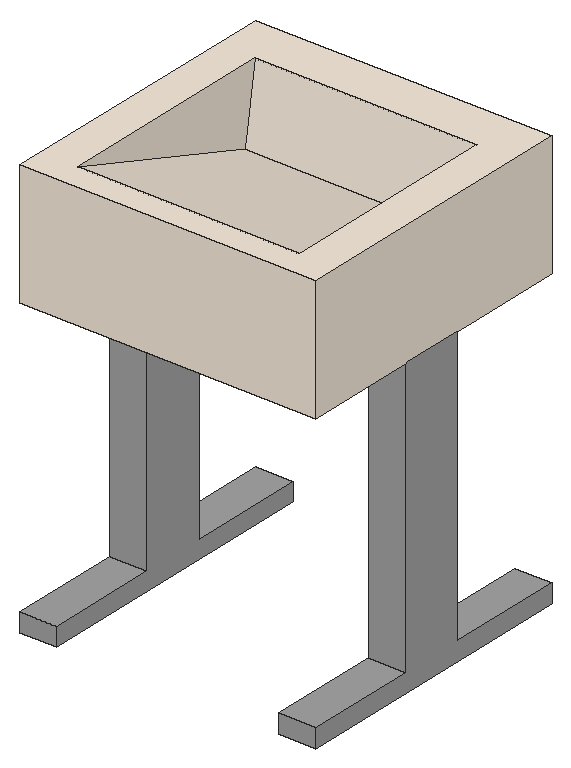
Revit family
Parameters
  Material Legs = Plastic - Gray,Dark
  Material Body = Plastic - White
  Keynote = "N"
  Assembly Code = "E1010800"
Reference planes
  plane 1 "Center F/B": y = -42.439
  plane 2: z = 0
  plane 3 "Center L/R": x = 33.894
  plane 4: x = -270.906
  plane 5: x = 338.694
  plane 6: y = 262.361
  plane 7: y = -347.239
  plane 8: x = -194.706
  plane 9: x = 262.494
Forms (mm)
  Extrusion 1, solid, material "Plastic - Gray,Dark" <- "Material Legs"
    sketch origin (0, 0, 0) x (1, 0, 0) y (0, 1, 0)
      loop
        line (-270.906, -347.239) -> (-194.706, -347.239) -> (-194.706, 262.361) -> (-270.906, 262.361) -> (-270.906, -347.239)
      loop
        line (262.494, -347.239) -> (338.694, -347.239) -> (338.694, 262.361) -> (262.494, 262.361) -> (262.494, -347.239)
    from 0 to 38.1
  Extrusion 2, solid, material "Plastic - White" <- "Material Body"
    sketch origin (0, 0, 0) x (1, 0, 0) y (0, 1, 0)
      loop
        line (-270.906, 262.361) -> (-270.906, -347.239) -> (338.694, -347.239) -> (338.694, 262.361) -> (-270.906, 262.361)
    from 609.6 to 863.6
  Extrusion 3, solid, material "Plastic - Gray,Dark" <- "Material Legs"
    sketch origin (0, 0, 0) x (1, 0, 0) y (0, 1, 0)
      loop
        line (-270.906, 18.167) -> (-270.906, -114.786) -> (-194.706, -114.786) -> (-194.706, 18.167) -> (-270.906, 18.167)
      loop
        line (262.494, 18.167) -> (262.494, -114.786) -> (338.694, -114.786) -> (338.694, 18.167) -> (262.494, 18.167)
    from 38.1 to 609.6
  Extrusion 4, void
    sketch origin (33.894, 0, 0) x (0, 1, 0) y (0, 0, 1)
      loop
        line (-292.586, 863.6) -> (137.041, 707.228) -> (164.614, 863.6) -> (-292.586, 863.6)
    from -228.6 to 228.6
Cuts and joins
  Extrusion 4 cuts Extrusion 2
  Extrusion 4 cuts Extrusion 1
  Extrusion 4 cuts Extrusion 3
  joined: Extrusion 1, Extrusion 3
Lines and regions (mm)
  Masking region 1
    outline origin (0, 0, 0) x (1, 0, 0) y (0, 1, 0)
      loop
        line (-270.906, 262.361) -> (-270.906, -347.239) -> (338.694, -347.239) -> (338.694, 262.361) -> (-270.906, 262.361)
  symbolic lines
    curve 1: line (-270.906, 262.361, 0) -> (-270.906, -347.239, 0)
    curve 2: line (338.694, 262.361, 0) -> (-270.906, 262.361, 0)
    curve 3: line (338.694, -347.239, 0) -> (338.694, 262.361, 0)
    curve 4: line (-270.906, -347.239, 0) -> (338.694, -347.239, 0)
    curve 5: line (262.494, -292.586, 0) -> (-194.706, -292.586, 0)
    curve 6: line (-194.706, 164.614, 0) -> (-194.706, -292.586, 0)
    curve 7: line (262.494, -292.586, 0) -> (262.494, 164.614, 0)
    curve 8: line (-194.706, 164.614, 0) -> (262.494, 164.614, 0)
    curve 9: line (262.494, 137.041, 0) -> (-194.706, 137.041, 0)
Dimensions and locks
  equal spacing: plane 7, plane 1 "Center F/B", plane 6
  equal spacing: plane 4, plane 3 "Center L/R", plane 5
  locked: plane 4 to plane 8 at 76.2
  locked: plane 9 to plane 5 at 76.2
  aligned: plane 6 to Masking region 1 sketch curve
  aligned: plane 7 to Masking region 1 sketch curve
Automatic sketch dimensions
  Masking region 1 sketch curve to plane 4 = 0 mm
  Masking region 1 sketch curve to plane 5 = 0 mm
  Masking region 1 sketch curve to plane 7 = 0 mm
  Masking region 1 sketch curve to plane 6 = 0 mm
